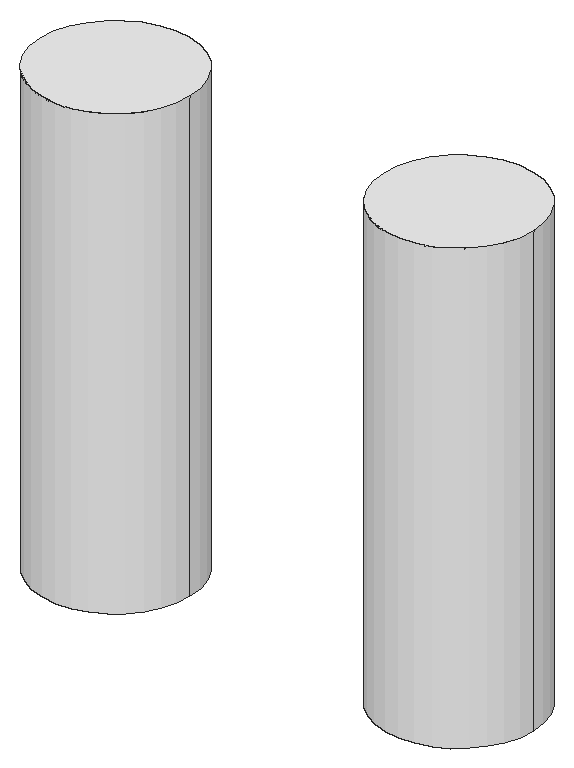
Revit family "54472207(2022)", category Plumbing Fixtures, Revit 2018
Family settings
  Round Connector Dimension = Use Diameter
  Part Type = Normal
  OmniClass Number = 23.45.55.00
  OmniClass Title = Sanitary Faucets, Wastes
  Work Plane-Based = No
  Always vertical = Yes
  Cut with Voids When Loaded = No
  Shared = No
  Room Calculation Point = No
Parameters (values of type "54472207 High washbasin faucet ")
  WorkingPressure = "50 - 1000 kPa"
  Working Pressure = "50 - 1000 kPa"
  WarrantyStartDate [instance] = "n/a"
  WarrantyGuarantorParts = "n/a"
  WarrantyGuarantorLabor = "n/a"
  WarrantyDurationUnit = "Year"
  WarrantyDurationParts = "n/a"
  WarrantyDurationLabor = "n/a"
  WarrantyDescription = "http://warranty.hansa.com"
  Warranty Information URL = "http://warranty.hansa.com"
  VersionDate = "01/07/2022"
  Version = "2"  # constant formula
  ValvePattern = "n/a"
  ValveOperation = "n/a"
  ValveMechanism = "n/a"
  Uniclass2015Reference = "Pr_40_20_87_96"
  Uniclass2015Description = "Washbasin manual water supply sets"
  Uniclass2 = "Pr_40_30_96_96"
  URL REACH = "http://static.hansa.com/doc/reach"
  URL Declaration of Conformity = "http://static.hansa.com/DoC/54472207"
  URL = ""
  UNSPSC Class Number = "30181700 Faucets or taps"
  Type Comments = ""
  TestPressure = "n/a"
  Temperature Adjustments = "Limitation option for maximum temperature and flow-rate ;Adjustable hot water stop (included, retrofittable)"
  Technical DataSheet URL = "http://www.hansa.com/datasheet/54472207/en"
  TagNumber [instance] = "n/a"
  SustainabilityPerformance = "n/a"
  Surface treatment = "Chrome"
  Spout Type = "Fixed spout"
  Spout Projection = "168 mm"
  Spare-Part Information URL = "http://static.hansa.com/sp/54472207"
  Size = "50x205x320 mm"
  Shape = "Sculptured"
  SerialNumber [instance] = "n/a"
  Sales Package dimensions (LxWxH) = "620 x 330 x 90"
  Revision = "2"  # constant formula
  ReplacementCost = "n/a"
  ProductInformation = "n/a"
  Product URL = "http://static.hansa.com/54472207"
  Product Image URL = "http://static.hansa.com/image/54472207"
  Product Family = "HANSAVANTIS Style "
  Product Code = "54472207"
  OperatingMechanismMaterial = "n/a"
  NominalWidth = 50 mm
  NominalHeight = 317.696 mm
  NominalDepth = 204.007 mm
  Noise Class = "I (ISO 3822)"
  Name_en = "54472207 High washbasin faucet"
  Name = "54472207 High washbasin faucet"
  NBSReference = "45-35-70/371"
  NBSDescription = "Water supply fittings for wash basins and troughs"
  Mounting Holes = "1 hole"
  ModelReference = "54472207"
  ModelNumber = "n/a"
  Model = "54472207 High washbasin faucet"
  Mobile Product Information URL = "http://mpi.hansa.com/54472207"
  Mechanical Parts = "30Cartridge"
  Max. Hot Water Supply = 70 °C
  Material = "brassPlastic"
  Market = "International;Germany;Austria;Belgium;Netherlands;France;Czech Republic;Slovakia;Italy;Spain"
  ManufacturerURL = "http://www.hansa.com"
  ManufacturerName = "HANSA"
  Manufacturer = "HANSA"
  Lever Handle = "Single operating lever/handle;Pin shape;Hot/Cold symbols"
  Keynote = ""
  Interactive AR View URL = "https://static.hansa.com/AR/54472207"
  InstallationDate [instance] = "n/a"
  Installation and Maintenance Guide URL = "http://static.hansa.com/manual/54472207"
  Installation Type = "Deck mounted"
  InletConnectionSize = 10 mm
  IfcExportType = "FAUCET"  # constant formula
  IfcExportAs = "IfcValveType"  # constant formula
  Group = "Washbasin faucet"
  Grade = "n/a"
  FlowCoefficient = 0
  Flow Rate At 300kPa With Flow Controller = 0.01 L/s
  Flow Drawing URL = "http://static.hansa.com/flowchart/54472207"
  Finish = "Polished"
  Features = "Single-lever"
  FaucetMainMaterial = Brass
  FDV Document URL = "http://www.hansa.com/datasheet/54472207/en/fdv"
  ExpectedLife = "n/a"
  Excluded Items = "Without pop-up waste"
  ETIM Class Number = "EC011328 Washbasin mixing tap"
  EN Standard = "EN 817"
  EAN Number = "4057304017483"
  DurationUnit = "Year"
  Dimension Drawing URL = "http://static.hansa.com/dimdrw/54472207"
  Description = ""
  DefaultElevation [instance] = 900 mm
  Constituents = "n/a"
  Connection Size = "G3/8"
  Connection = "Flexible inlet pipes"
  Color = "Chrome"
  CodePerformance = "n/a"
  CloseOffRating = 0
  Catalog Drawing URL = "http://static.hansa.com/catdrw/54472207"
  Brand = "HANSA"
  BodyMaterial = "Brass"
  Barcode [instance] = "n/a"
  Backflow Prevention EN1717 = "AA"
  BIMObjectName = "54472207(2022)"
  Author = "BIMStone"
  AssetType = "Fixed"
  AssetIdentifier [instance] = "n/a"
  Aerator = "Standard aerator;PCA® - constant flow rate regardless of pressure variations"
  Advanced Features = "Inner body made of DZR brass"
  AccessibilityPerformance = "n/a"
  3D View = "https://static.hansa.com/3D/54472207"
  2D/3D/BIM Files URL = "http://static.hansa.com/bim/54472207"
Reference planes
  plane 1 "Center (Front/Back)": y = 0
  plane 2: z = 0
  plane 3 "Center (Left/Right)": x = 0
  plane 4: x = -25
  plane 5: z = 900
  plane 6: z = 870
  plane 7: y = -204.007
  plane 8: x = 25
  plane 9: z = 1217.696
Forms (mm)
  Extrusion 1, solid, material "Brass" <- "FaucetMainMaterial"
    sketch origin (0, -2.393, 0) x (1, 0, 0) y (0, 1, 0)
      loop
        circle (-11.5, -22.5) r 5
      loop
        circle (11.5, -22.5) r 5
    from 870 to 900
Dimensions and locks
  "DefaultElevation": plane 5 to level
  locked: plane 5 to plane 6 at 30
  "NominalDepth": plane 7 to plane 1 "Center (Front/Back)"
  equal spacing: plane 4, plane 3 "Center (Left/Right)", plane 8
  "NominalHeight": plane 9 to plane 5
  "NominalWidth": plane 4 to plane 8
  "InletConnectionSize": diameter of Extrusion 1 sketch curve  (x2)
  aligned and locked: level to plane 2
  aligned and locked: plane 5 to Extrusion 1
  aligned and locked: Extrusion 1 to plane 6
  aligned and locked: nested 2 to plane 5
  aligned and locked: plane 1 "Center (Front/Back)" to nested 2
  aligned and locked: plane 3 "Center (Left/Right)" to nested 2
  aligned and locked: plane 3 "Center (Left/Right)" to nested 1
  aligned and locked: plane 1 "Center (Front/Back)" to nested 1
Automatic sketch dimensions
  Extrusion 1 sketch curve to plane 3 "Center (Left/Right)" = 11.5 mm
  plane 3 "Center (Left/Right)" to Extrusion 1 sketch curve = 11.5 mm
  plane 1 "Center (Front/Back)" to Extrusion 1 sketch curve = 24.893 mm  (x2)
Nested families
  nested 1: "Symbol" at (0, 0, 0), type "Symbol", detail levels coarse
  nested 2: "54472207_Body" at (0, 0, 900), Material <- "FaucetMainMaterial", type "54472207_Body"
    with Material Brass
Connectors
  piping at (-11.5, -24.893, 870), diameter 10, driven by "InletConnectionSize"
    settings: on Extrusion 1, index 1, connector inside diameter 609.6 mm, connector length 0 mm, flow factor 0, pipe flow 0.2 L/s, pressure drop 0.0 Pa, fitting loss kfactor 0, connector angle 0.00°, fixture units 0, engagement length 0 mm, angle of deflection 0.00°, flow configuration 1, flow direction 1, fitting loss method 0, system type 19, joint type 0, gender type 0, connector reference index -1, connector utility 0, adjustable connector no, is connector primary yes, connector description ""
  piping at (11.5, -24.893, 870), diameter 10, driven by "InletConnectionSize"
    settings: on Extrusion 1, index 2, connector inside diameter 609.6 mm, connector length 0 mm, flow factor 0, pipe flow 0.2 L/s, pressure drop 0.0 Pa, fitting loss kfactor 0, connector angle 0.00°, fixture units 0, engagement length 0 mm, angle of deflection 0.00°, flow configuration 1, flow direction 1, fitting loss method 0, system type 20, joint type 0, gender type 0, connector reference index -1, connector utility 0, adjustable connector no, is connector primary no, connector description ""
Definition of nested family "Symbol"
  Reference planes
    plane 1: y = 0
    plane 2: x = 0
  Lines and regions (mm)
    detail lines
      curve 1: line (0, 0, 0) -> (0, -1.8, 0)
      curve 2: line (-0.4, -1.1, 0) -> (0.4, -1.1, 0)
      curve 3: line (-0.4, -1.4, 0) -> (0.4, -1.4, 0)
      curve 4: line (0.863, 0, 0) -> (-0.863, 0, 0)
      curve 5: circle (-1.163, 0, 0) r 0.3 normal (0, 0, -1)
      curve 6: circle (1.163, 0, 0) r 0.3 normal (0, 0, 1)
